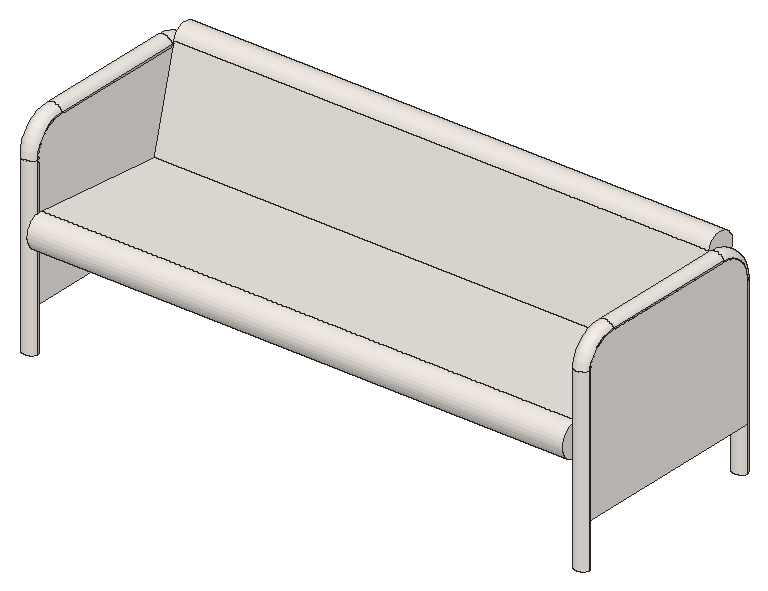
Revit family
Parameters (values of type "1800 x 712 mm")
  Sofa Material = Sofa Material
  Sofa Length = 1800 mm
Reference planes
  plane 1 "Center (Front/Back)": y = 0
  plane 2: z = 0
  plane 3 "Center (Left/Right)": x = 0.902
  plane 4: x = -899.098
  plane 5: x = 900.902
Forms (mm)
  Sweep 1, solid, material "Sofa Material" <- "Sofa Material"
    path origin (0, -1263.577, 0) x (1, 0, 0) y (0, 1, 0)
      loop
        line (-899.098, 147.362) -> (900.902, 147.362)
    profile origin (0.902, 0, 0) x (0, 1, 0) y (0, 0, 1)
      loop
        arc (335.217, 668.773) -> (299.775, 729.687) -> (238.624, 694.655) r 50.001
        line (238.624, 694.655) -> (154.482, 380.631) -> (-316.874, 426.658)
        arc (-316.874, 426.658) -> (-375.846, 376.612) -> (-326.46, 317.086) r 54.999
        line (-326.46, 317.086) -> (226.513, 263.084) -> (335.217, 668.773)
  Extrusion 2, solid, material "Sofa Material" <- "Sofa Material"
    sketch origin (0, -1282.951, 0) x (0, 1, 0) y (0, 0, 1)
      loop
        line (950.498, 584.791) -> (950.498, 150.01) -> (1615.826, 150.01) -> (1615.826, 584.791)
        arc (1615.826, 584.791) -> (1586.537, 655.502) -> (1515.826, 684.791) r 100
        line (1515.826, 684.791) -> (1050.498, 684.791)
        arc (1050.498, 684.791) -> (979.787, 655.502) -> (950.498, 584.791) r 100
    from -954.766 to -899.098
  Sweep 3, solid, material "Sofa Material" <- "Sofa Material"
    path origin (-899.098, -1270, 0) x (0, 1, 0) y (0, 0, 1)
      loop
        line (1603.439, 0.01) -> (1603.439, 586.137)
        arc (1603.439, 586.137) -> (1574.149, 656.848) -> (1503.439, 686.137) r 100
        line (1503.439, 686.137) -> (1038.167, 686.137)
        arc (1038.167, 686.137) -> (967.457, 656.848) -> (938.167, 586.137) r 100
        line (938.167, 586.137) -> (938.167, 0)
    profile origin (0, 0, 293.074) x (0, -1, 0) y (1, 0, 0)
      loop
        arc (-332.875, -899.098) -> (-354.439, -926.932) -> (-332.875, -954.766) r 28.746
        arc (-332.875, -954.766) -> (-311.311, -926.932) -> (-332.875, -899.098) r 28.746
  Extrusion 4, solid, material "Sofa Material" <- "Sofa Material"
    sketch origin (900.902, 0, 0) x (0, 1, 0) y (0, 0, 1)
      loop
        line (-332.454, 150.01) -> (332.875, 150.01) -> (332.875, 584.791)
        arc (332.875, 584.791) -> (303.585, 655.502) -> (232.875, 684.791) r 100
        line (232.875, 684.791) -> (-232.454, 684.791)
        arc (-232.454, 684.791) -> (-303.164, 655.502) -> (-332.454, 584.791) r 100
        line (-332.454, 584.791) -> (-332.454, 150.01)
    from 0 to 55
  Sweep 5, solid, material "Sofa Material" <- "Sofa Material"
    path origin (900.902, 0, 0) x (0, 1, 0) y (0, 0, 1)
      loop
        line (-331.269, 0) -> (-331.269, 600.139)
        arc (-331.269, 600.139) -> (-297.512, 660.735) -> (-232.454, 684.791) r 100
        line (-232.454, 684.791) -> (232.875, 684.791)
        arc (232.875, 684.791) -> (303.585, 655.502) -> (332.875, 584.791) r 100
        line (332.875, 584.791) -> (332.875, 0.01)
    profile origin (0, 0, 300.07) x (0, -1, 0) y (1, 0, 0)
      loop
        arc (331.269, 900.902) -> (351.063, 928.402) -> (331.269, 955.902) r 29
        arc (331.269, 955.902) -> (311.475, 928.402) -> (331.269, 900.902) r 29
Lines and regions (mm)
  symbolic lines
    curve 1: line (-954.766, 332.875, 0) -> (-954.766, -331.269, 0)
    curve 2: line (900.902, 335.217, 0) -> (-899.098, 335.217, 0)
    curve 3: line (955.902, -333.194, 0) -> (955.902, 335.217, 0)
    curve 4: arc (-954.766, 332.875, 0) -> (-925.448, 354.475, 0) -> (-896.13, 332.875, 0) r 30.697
    curve 5: arc (900.902, 335.217, 0) -> (928.402, 352.669, 0) -> (955.902, 335.217, 0) r 30.393
    curve 6: line (-896.13, 332.875, 0) -> (-896.13, -377.125, 0)
    curve 7: arc (-954.766, -331.269, 0) -> (-925.448, -352.869, 0) -> (-896.13, -331.269, 0) r 30.697
    curve 8: line (897.933, 332.875, 0) -> (897.933, -377.125, 0)
    curve 9: arc (955.902, -333.194, 0) -> (926.233, -352.852, 0) -> (897.933, -331.269, 0) r 30.697
    curve 10: line (-896.13, -377.125, 0) -> (897.933, -377.125, 0)
Dimensions and locks
  "Sofa Length": plane 4 to plane 5
  equal spacing: plane 4, plane 3 "Center (Left/Right)", plane 5
  curve 2 to curve 10 = 712.342 mm
  aligned and locked: plane 4 to Extrusion 2
  aligned and locked: Extrusion 2 to Sweep 3
  aligned and locked: Extrusion 4 sketch curve to Extrusion 2  (x3)
  aligned and locked: Sweep 5 sketch curve to Sweep 3
  aligned and locked: Sweep 5 sketch curve to Extrusion 4  (x2)
  aligned and locked: curve 1 to Extrusion 2
  aligned and locked: curve 2 to Sweep 1
  aligned and locked: curve 3 to Extrusion 4
  aligned and locked: curve 1 to curve 7
Automatic sketch dimensions
  Sweep 1 sketch curve to plane 4 = 0 mm
  Sweep 1 sketch curve to plane 5 = 0 mm
  plane 1 "Center (Front/Back)" to Sweep 1 sketch curve = 1116.216 mm
  level to Sweep 1 sketch curve = 317.086 mm
  Sweep 1 sketch curve to profile plane = 789.756 mm
  Sweep 1 sketch curve to Sweep 1 sketch curve = 5.403 mm
  level to Sweep 1 sketch curve = 426.658 mm
  Sweep 1 sketch curve to Sweep 1 sketch curve = 4.183 mm
  level to Sweep 1 sketch curve = 380.631 mm
  Sweep 1 sketch curve to Sweep 1 sketch curve = 471.355 mm
  level to Sweep 1 sketch curve = 263.084 mm
  Sweep 1 sketch curve to Sweep 1 sketch curve = 72.031 mm
  Sweep 1 sketch curve to Sweep 1 sketch curve = 84.142 mm
  Sweep 1 sketch curve to Sweep 1 sketch curve = 48.209 mm
  Sweep 1 sketch curve to Sweep 1 sketch curve = 48.383 mm
  Sweep 1 sketch curve to Sweep 1 sketch curve = 288.141 mm
  Sweep 1 sketch curve to Sweep 1 sketch curve = 12.617 mm
  level to Extrusion 2 sketch curve = 150.01 mm
  plane 1 "Center (Front/Back)" to Extrusion 2 sketch curve = 332.454 mm
  Extrusion 2 sketch curve to Extrusion 2 sketch curve = 100 mm
  Extrusion 2 sketch curve to plane 1 "Center (Front/Back)" = 232.875 mm
  Extrusion 2 sketch curve to plane 1 "Center (Front/Back)" = 332.875 mm
  Extrusion 2 sketch curve to Extrusion 2 sketch curve = 434.781 mm
  Sweep 3 sketch curve to level = 0 mm
  plane 1 "Center (Front/Back)" to Sweep 3 sketch curve = 331.833 mm
  Sweep 3 sketch curve to Sweep 3 sketch curve = 465.271 mm
  level to Sweep 3 sketch curve = 0.01 mm
  Sweep 3 sketch curve to Sweep 3 sketch curve = 100 mm  (x2)
  profile plane to Sweep 3 sketch curve = 6.618 mm
  Sweep 3 sketch curve to profile plane = 0.564 mm  (x2)
  Sweep 3 sketch curve to profile plane = 7.746 mm
  Sweep 3 sketch curve to plane 4 = 55.668 mm
  Sweep 3 sketch curve to Sweep 3 sketch curve = 27.834 mm
  Sweep 3 sketch curve to Sweep 3 sketch curve = 586.127 mm
  Extrusion 4 sketch curve to Extrusion 4 sketch curve = 100 mm
  Sweep 5 sketch curve to level = 0 mm
  Sweep 5 sketch curve to Sweep 5 sketch curve = 100 mm
  level to Sweep 5 sketch curve = 0.01 mm
  plane 5 to Sweep 5 sketch curve = 27.5 mm
  Sweep 5 sketch curve to profile plane = 0 mm  (x2)
  profile plane to Sweep 5 sketch curve = 9.206 mm
  Sweep 5 sketch curve to profile plane = 9.206 mm
  Sweep 5 sketch curve to plane 5 = 0 mm
  curve 2 to plane 4 = 0 mm
  curve 10 to plane 5 = 2.968 mm
  curve 5 to plane 5 = 0 mm
  curve 7 to plane 4 = 26.35 mm
  curve 4 to plane 4 = 26.35 mm
  plane 4 to curve 6 = 2.968 mm
  plane 5 to curve 9 = 26.35 mm
  curve 5 to curve 5 = 27.5 mm
  curve 6 to curve 2 = 2.342 mm
  curve 8 to curve 5 = 2.342 mm
  curve 4 to curve 2 = 11.44 mm
  curve 5 to curve 5 = 12.941 mm
  curve 7 to curve 7 = 9.098 mm
  curve 9 to curve 9 = 9.098 mm
  curve 8 to curve 9 = 45.856 mm
  curve 10 to curve 7 = 45.856 mm
